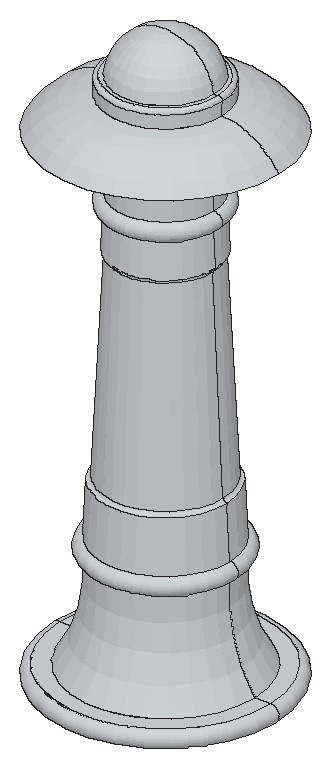
Revit family
Parameters (values of type "SBS 013.5")
  Width = 1' - 7"
  URL = "www.strombergarchitectural.com"
  Top Material = GFRC
  Submittal Sheet = "www.strombergarchitectural.com/images/materials/gfrc/submittal/gfrc-submittal-sheet.pdf"
  Specifications = "www.strombergarchitectural.com/gfrcspecifications"
  Model Cut-sheet = "www.strombergarchitectural.com/products/bollards/design/SBS-013"
  Model = "SBS 013"
  Manufacturer = "Stromberg Architectural Products"
  Guidebook = "www.strombergarchitectural.com/images/materials/gfrc/handbooks/gfrc_guidebook.pdf"
  Frame Material = none
  Description = "GFRC Bollard"
  Assembly Code = ""
  Height = 4' - 0"
  XXX.5 = yes
  XXX.4 = no
  XXX.3 = no
  XXX.2 = no
  XXX.1 = no
Types (6): name | Width | Guidebook | Height | XXX.5 | XXX.4 | XXX.3 | XXX.2 | XXX.1
  (no name) | 1' - 7" | "www.strombergarchitectural.com/images/materials/gfrc/handbooks/gfrc_guidebook.pdf" | 4' - 0" | yes | no | no | no | no
  SBS 013.3 | 1' - 2" | "www.strombergarchitectural.com/images/materials/gfrc/handbooks/gfrc_guidebook.pdf" | 3' - 0" | no | no | yes | no | no
  SBS 013.1 | 0' - 10" | "www.strombergarchitectural.com/images/materials/gfrc/handbooks/gfrc_guidebook.pdf   \r\n(http://www.strombergarchitectural.com/images/materials/gfrc/handbooks/gfrc_guidebook.pdf" | 2' - 0" | no | no | no | no | yes
  SBS 013.2 | 1' - 0" | "www.strombergarchitectural.com/images/materials/gfrc/handbooks/gfrc_guidebook.pdf" | 2' - 6" | no | no | no | yes | no
  SBS 013.4 | 1' - 5" | "www.strombergarchitectural.com/images/materials/gfrc/handbooks/gfrc_guidebook.pdf" | 3' - 6" | no | yes | no | no | no
  SBS 013.5 | 1' - 7" | "www.strombergarchitectural.com/images/materials/gfrc/handbooks/gfrc_guidebook.pdf" | 4' - 0" | yes | no | no | no | no
Reference planes (in)
  plane 1 "Center (Front/Back)": y = 3.74847
  plane 2: z = 0
  plane 3 "Center (Left/Right)": x = 0.7278
  plane 4 "Front": y = -3.25153
  plane 5 "Back": y = 10.74847
Forms (in)
  Revolve 1, solid, visible <- "XXX.1"
    sketch origin (0, 3.74847, 0) x (1, 0, 0) y (0, 0, 1)
      loop
        arc (0.7278, 23.99999) -> (-0.59721, 23.52753) -> (-1.2722, 22.29332) r 1.97611
        line (-1.2722, 22.29332) -> (-1.43887, 22.29332)
        arc (-1.43887, 22.29332) -> (-1.55672, 22.24451) -> (-1.60553, 22.12666) r 0.16667
        line (-1.60553, 22.12666) -> (-1.60553, 21.62666)
        arc (-1.60553, 21.62666) -> (-2.92261, 21.22321) -> (-3.93886, 20.29332) r 3.12946
        arc (-3.93886, 20.29332) -> (-2.41953, 19.99865) -> (-1.2722, 18.95999) r 2.87952
        line (-1.2722, 18.95999) -> (-1.2722, 17.99999)
        arc (-1.2722, 17.99999) -> (-1.60553, 17.66666) -> (-1.2722, 17.33332) r 0.33333
        line (-1.2722, 17.33332) -> (-1.35139, 15.89294)
        arc (-1.35139, 15.89294) -> (-1.2655, 15.83713) -> (-1.23546, 15.73921) r 0.15
        line (-1.23546, 15.73921) -> (-1.65026, 7.56804)
        arc (-1.65026, 7.56804) -> (-1.70298, 7.4613) -> (-1.81684, 7.42658) r 0.15
        line (-1.81684, 7.42658) -> (-1.93192, 5.33333)
        arc (-1.93192, 5.33333) -> (-2.26526, 5) -> (-1.93192, 4.66666) r 0.33333
        arc (-1.93192, 4.66666) -> (-2.06893, 2.57441) -> (-2.93886, 0.66667) r 5.81673
        line (-2.93886, 0.66667) -> (-3.60553, 0.66667)
        arc (-3.60553, 0.66667) -> (-3.93886, 0.33333) -> (-3.60553, 0) r 0.33333
        line (-3.60553, 0) -> (0.7278, 0) -> (0.7278, 23.99999)
      axis (0.7278, 23.99999) -> (0.7278, 0)
    angle from 0 to 360
  Revolve 2, solid, visible <- "XXX.2"
    sketch origin (0, 3.74847, 0) x (1, 0, 0) y (0, 0, 1)
      loop
        arc (0.7278, 29.9987) -> (-0.9284, 29.40815) -> (-1.77209, 27.86546) r 2.47003
        line (-1.77209, 27.86546) -> (-1.98042, 27.86546)
        arc (-1.98042, 27.86546) -> (-2.12772, 27.80444) -> (-2.18874, 27.65713) r 0.20832
        line (-2.18874, 27.65713) -> (-2.18874, 27.03216)
        arc (-2.18874, 27.03216) -> (-3.83501, 26.52787) -> (-5.10528, 25.36557) r 3.91166
        arc (-5.10528, 25.36557) -> (-3.2062, 24.99724) -> (-1.77209, 23.69897) r 3.59924
        line (-1.77209, 23.69897) -> (-1.77209, 22.49902)
        arc (-1.77209, 22.49902) -> (-2.18874, 22.08237) -> (-1.77209, 21.66573) r 0.41665
        line (-1.77209, 21.66573) -> (-1.87107, 19.86532)
        arc (-1.87107, 19.86532) -> (-1.76372, 19.79557) -> (-1.72617, 19.67317) r 0.18749
        line (-1.72617, 19.67317) -> (-2.24465, 9.45964)
        arc (-2.24465, 9.45964) -> (-2.31054, 9.32623) -> (-2.45287, 9.28283) r 0.18749
        line (-2.45287, 9.28283) -> (-2.59671, 6.66638)
        arc (-2.59671, 6.66638) -> (-3.01336, 6.24973) -> (-2.59671, 5.83308) r 0.41665
        arc (-2.59671, 5.83308) -> (-2.76796, 3.21788) -> (-3.85533, 0.8333) r 7.2706
        line (-3.85533, 0.8333) -> (-4.68863, 0.8333)
        arc (-4.68863, 0.8333) -> (-5.10528, 0.41665) -> (-4.68863, 0) r 0.41665
        line (-4.68863, 0) -> (0.7278, 0) -> (0.7278, 29.9987)
      axis (0.7278, 29.9987) -> (0.7278, 0)
    angle from 0 to 360
  Revolve 3, solid, visible <- "XXX.3"
    sketch origin (0, 3.74847, 0) x (1, 0, 0) y (0, 0, 1)
      loop
        arc (0.7278, 36) -> (-1.25972, 35.29131) -> (-2.2722, 33.44) r 2.96417
        line (-2.2722, 33.44) -> (-2.5222, 33.44)
        arc (-2.5222, 33.44) -> (-2.69898, 33.36678) -> (-2.7722, 33.19) r 0.25
        line (-2.7722, 33.19) -> (-2.7722, 32.44)
        arc (-2.7722, 32.44) -> (-4.74781, 31.83483) -> (-6.2722, 30.44) r 4.69419
        arc (-6.2722, 30.44) -> (-3.9932, 29.99799) -> (-2.2722, 28.44) r 4.31928
        line (-2.2722, 28.44) -> (-2.2722, 27)
        arc (-2.2722, 27) -> (-2.7722, 26.5) -> (-2.2722, 26) r 0.5
        line (-2.2722, 26) -> (-2.39098, 23.83942)
        arc (-2.39098, 23.83942) -> (-2.26216, 23.75571) -> (-2.21709, 23.60883) r 0.225
        line (-2.21709, 23.60883) -> (-2.83929, 11.35206)
        arc (-2.83929, 11.35206) -> (-2.91837, 11.19196) -> (-3.08917, 11.13988) r 0.225
        line (-3.08917, 11.13988) -> (-3.26179, 8)
        arc (-3.26179, 8) -> (-3.76179, 7.5) -> (-3.26179, 7) r 0.5
        arc (-3.26179, 7) -> (-3.46729, 3.86162) -> (-4.7722, 1) r 8.72509
        line (-4.7722, 1) -> (-5.7722, 1)
        arc (-5.7722, 1) -> (-6.2722, 0.5) -> (-5.7722, 0) r 0.5
        line (-5.7722, 0) -> (0.7278, 0) -> (0.7278, 36)
      axis (0.7278, 36) -> (0.7278, 0)
    angle from 0 to 360
  Revolve 4, solid, visible <- "XXX.4"
    sketch origin (0, 3.74847, 0) x (1, 0, 0) y (0, 0, 1)
      loop
        arc (0.7278, 41.99891) -> (-1.59091, 41.17213) -> (-2.77211, 39.01232) r 3.4581
        line (-2.77211, 39.01232) -> (-3.06377, 39.01232)
        arc (-3.06377, 39.01232) -> (-3.27, 38.92689) -> (-3.35543, 38.72066) r 0.29166
        line (-3.35543, 38.72066) -> (-3.35543, 37.84568)
        arc (-3.35543, 37.84568) -> (-5.66025, 37.13966) -> (-7.43865, 35.51241) r 5.47641
        arc (-7.43865, 35.51241) -> (-4.77989, 34.99674) -> (-2.77211, 33.17914) r 5.03903
        line (-2.77211, 33.17914) -> (-2.77211, 31.49918)
        arc (-2.77211, 31.49918) -> (-3.35543, 30.91586) -> (-2.77211, 30.33254) r 0.58332
        line (-2.77211, 30.33254) -> (-2.91068, 27.81194)
        arc (-2.91068, 27.81194) -> (-2.76039, 27.71427) -> (-2.70782, 27.54292) r 0.26249
        line (-2.70782, 27.54292) -> (-3.4337, 13.24373)
        arc (-3.4337, 13.24373) -> (-3.52595, 13.05695) -> (-3.72521, 12.99619) r 0.26249
        line (-3.72521, 12.99619) -> (-3.9266, 9.33309)
        arc (-3.9266, 9.33309) -> (-4.50992, 8.74977) -> (-3.9266, 8.16645) r 0.58332
        arc (-3.9266, 8.16645) -> (-4.16635, 4.50511) -> (-5.6887, 1.16664) r 10.17901
        line (-5.6887, 1.16664) -> (-6.85534, 1.16664)
        arc (-6.85534, 1.16664) -> (-7.43865, 0.58332) -> (-6.85534, 0) r 0.58332
        line (-6.85534, 0) -> (0.7278, 0) -> (0.7278, 41.99891)
      axis (0.7278, 41.99891) -> (0.7278, 0)
    angle from 0 to 360
  Revolve 5, solid, visible <- "XXX.5"
    sketch origin (0, 3.74847, 0) x (1, 0, 0) y (0, 0, 1)
      loop
        arc (0.7278, 47.99909) -> (-1.92218, 47.0542) -> (-3.27212, 44.58582) r 3.95215
        line (-3.27212, 44.58582) -> (-3.60545, 44.58582)
        arc (-3.60545, 44.58582) -> (-3.84115, 44.4882) -> (-3.93878, 44.2525) r 0.33333
        line (-3.93878, 44.2525) -> (-3.93878, 43.25252)
        arc (-3.93878, 43.25252) -> (-6.57288, 42.44563) -> (-8.60536, 40.5859) r 6.2588
        arc (-8.60536, 40.5859) -> (-5.56675, 39.99657) -> (-3.27212, 37.91928) r 5.75893
        line (-3.27212, 37.91928) -> (-3.27212, 35.99932)
        arc (-3.27212, 35.99932) -> (-3.93878, 35.33267) -> (-3.27212, 34.66601) r 0.66665
        line (-3.27212, 34.66601) -> (-3.4305, 31.7853)
        arc (-3.4305, 31.7853) -> (-3.25874, 31.67368) -> (-3.19865, 31.47785) r 0.29999
        line (-3.19865, 31.47785) -> (-4.02823, 15.1358)
        arc (-4.02823, 15.1358) -> (-4.13366, 14.92233) -> (-4.36139, 14.85289) r 0.29999
        line (-4.36139, 14.85289) -> (-4.59155, 10.66647)
        arc (-4.59155, 10.66647) -> (-5.2582, 9.99981) -> (-4.59155, 9.33316) r 0.66665
        arc (-4.59155, 9.33316) -> (-4.86555, 5.14873) -> (-6.60539, 1.33331) r 11.63324
        line (-6.60539, 1.33331) -> (-7.9387, 1.33331)
        arc (-7.9387, 1.33331) -> (-8.60536, 0.66665) -> (-7.9387, 0) r 0.66665
        line (-7.9387, 0) -> (0.7278, 0) -> (0.7278, 47.99909)
      axis (0.7278, 47.99909) -> (0.7278, 0)
    angle from 0 to 360
Dimensions and locks (in)
  aligned and locked: level to plane 2
